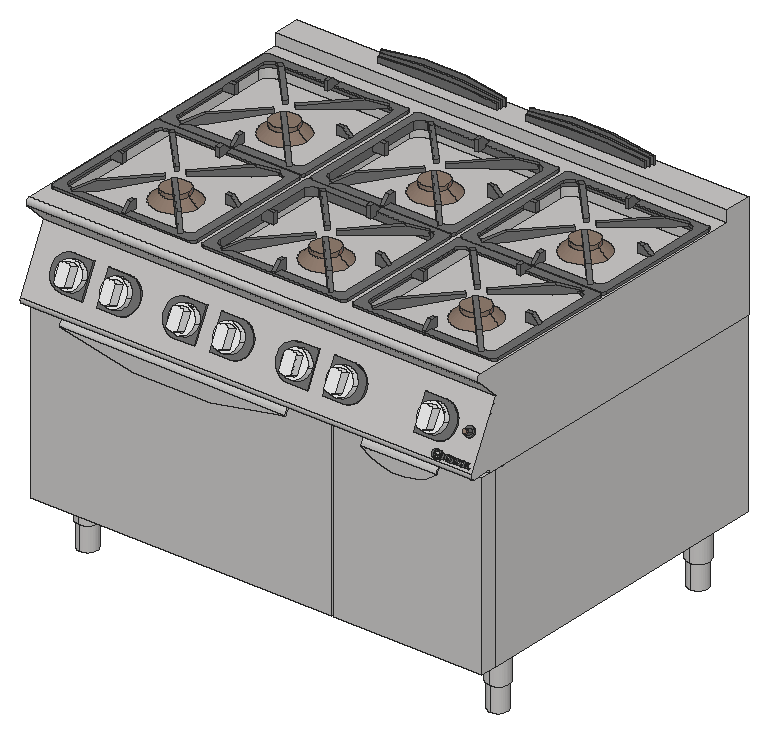
Revit family "QF_GIORIK_CG960E", category Specialty Equipment, Revit 2014
Parameters (values of type "CG960E")
  Weight in Pounds = 551.155
  Watts = 6000 W
  Volts = 400 V
  URL Cutsheet = "www.giorik.com"
  URL = "www.giorik.com"
  Status [instance] = ""
  Specification by User [instance] = ""
  Specification by Manufacturer = ""
  Show Logo [instance] = yes
  Show Clearance [instance] = yes
  Serial Number = ""
  Seismic Rating = ""
  SMACNA No = ""
  Revision Code [instance] = ""
  Phase = 3
  Number of Poles [instance] = 3
  NAFEM Spec ID Number = ""
  Model = "CG960E"
  Min Ckt Ampacity = 0 A
  Mechanical Remarks [instance] = "Natural Gas"
  Mechanical Connection Type [instance] = ""
  Max Overcurrent Protection = 0 A
  Masterspec = ""
  Manufacturer = "GIORIK"
  Item Number [instance] = ""
  Installed By [instance] = ""
  Identify Quantity as Lot [instance] = no
  HP = "8.046120000000"
  Gas Size = 1"
  Gas RI Height [instance] = 0 mm
  Gas KW = 48
  Gas Input = 48000 W
  Gas Connection Height [instance] = 150 mm
  Furnished By [instance] = ""
  Foodservice Equipment Identifier [instance] = yes
  FL Amps = 0 A
  Electrical Remarks [instance] = ""
  Electric Connection Type [instance] = ""
  Elec Conn RI Height [instance] = 0 mm
  Elec Conn Connection Height [instance] = 150 mm
  Description = "6 BURNER GAS RANGE ON ELECTRIC OVEN AND NEUTRAL CABINET"
  Cycle = 50 Hz
  Conn Plug = ""
  Conn Conduit [instance] = no
  CSI MasterFormat = ""
  Assembly Code = "E1090320"
  Apparent Power = 6000 VA
Reference planes
  plane 1 "Back": y = 0
  plane 2: z = 0
  plane 3 "Left": x = 0
  plane 4 "Right": x = 1200
  plane 5 "Front": y = -920
  plane 6 "Top": z = 899.988
Forms (mm)
  Extrusion 1, solid
    sketch origin (-16, 358.115, 0) x (1, 0, 0) y (0, 1, 0)
      loop
        line (25, -1086.81) -> (25, -1156.81) -> (115, -1156.81) -> (115, -1086.81) -> (25, -1086.81)
    from 148 to 150
  Revolve 2, solid
    sketch origin (54, 358.115, 0) x (0, 1, 0) y (0, 0, 1)
      loop
        line (-1092.56, 66) -> (-1092.56, 148) -> (-1121.81, 148) -> (-1121.81, 0) -> (-1096.81, 0) -> (-1096.81, 66) -> (-1092.56, 66)
      axis (-1121.81, 0) -> (-1121.81, 148)
    angle from 0 to 360
  Extrusion 3, solid
    sketch origin (-16, 1023.115, 0) x (1, 0, 0) y (0, 1, 0)
      loop
        line (25, -1086.81) -> (25, -1156.81) -> (115, -1156.81) -> (115, -1086.81) -> (25, -1086.81)
    from 148 to 150
  Revolve 4, solid
    sketch origin (54, 1023.115, 0) x (0, 1, 0) y (0, 0, 1)
      loop
        line (-1092.56, 66) -> (-1092.56, 148) -> (-1121.81, 148) -> (-1121.81, 0) -> (-1096.81, 0) -> (-1096.81, 66) -> (-1092.56, 66)
      axis (-1121.81, 0) -> (-1121.81, 148)
    angle from 0 to 360
  Extrusion 5, solid
    sketch origin (-4, -2.717, 130) x (1, 0, 0) y (0, 1, 0)
      loop
        circle (54, -385) r 12.5
    from 0 to 20
  Extrusion 6, solid
    sketch origin (159.325, -432.708, -71.012) x (0, -1, 0) y (0, 0, -1)
      loop
        line (35.989, -935.989) -> (65, -965) -> (79.749, -965) -> (79.749, -935.989) -> (35.989, -935.989)
    from 35.72 to 45.72
  Extrusion 7, solid
    sketch origin (0.046, -427.695, 22.988) x (1, 0, 0) y (0, 1, 0)
      loop
        line (8, -55.002) -> (8, -395.004)
        arc (8, -395.004) -> (10.929, -402.075) -> (18, -405.004) r 10
        line (18, -405.004) -> (382, -405.004)
        arc (382, -405.004) -> (389.071, -402.075) -> (392, -395.004) r 10
        line (392, -395.004) -> (392, -55.002)
        arc (392, -55.002) -> (389.071, -47.931) -> (382, -45.002) r 10
        line (382, -45.002) -> (18, -45.002)
        arc (18, -45.002) -> (10.929, -47.931) -> (8, -55.002) r 10
      loop
        arc (49.954, -67.002) -> (35.812, -72.86) -> (29.954, -87.002) r 20
        line (29.954, -87.002) -> (29.954, -365.004)
        arc (29.954, -365.004) -> (35.812, -379.146) -> (49.954, -385.004) r 20
        line (49.954, -385.004) -> (349.954, -385.004)
        arc (349.954, -385.004) -> (364.097, -379.146) -> (369.954, -365.004) r 20
        line (369.954, -365.004) -> (369.954, -87.002)
        arc (369.954, -87.002) -> (364.097, -72.86) -> (349.954, -67.002) r 20
        line (349.954, -67.002) -> (49.954, -67.002)
    from 831.989 to 851.989
  Extrusion 8, solid
    sketch origin (347.736, -432.53, -2.821) x (-0.670885, -0.741561, 0) y (0, 0, -1)
      loop
        line (239.679, -896.808) -> (239.679, -888.14) -> (57.778, -867.797) -> (36.748, -867.797) -> (36.748, -875.452) -> (95.425, -896.808) -> (239.679, -896.808)
    from 30.148 to 40.148
  Extrusion 9, solid
    sketch origin (52.421, -432.594, -2.821) x (0.670878, -0.741568, 0) y (0, 0, 1)
      loop
        line (239.588, 896.808) -> (95.425, 896.808) -> (36.748, 875.452) -> (36.748, 867.797) -> (57.778, 867.797) -> (239.588, 888.13) -> (239.588, 896.808)
    from 30.148 to 40.148
  Extrusion 10, solid
    sketch origin (347.735, -874.862, -2.821) x (-0.670878, 0.741568, 0) y (0, 0, 1)
      loop
        line (239.679, 896.808) -> (95.425, 896.808) -> (36.748, 875.452) -> (36.748, 867.797) -> (57.778, 867.797) -> (239.679, 888.14) -> (239.679, 896.808)
    from 30.148 to 40.148
  Extrusion 11, solid
    sketch origin (52.356, -874.862, -2.821) x (0.670885, 0.741561, 0) y (0, 0, -1)
      loop
        line (239.679, -896.808) -> (239.679, -888.14) -> (57.778, -867.797) -> (36.748, -867.797) -> (36.748, -875.452) -> (95.425, -896.808) -> (239.679, -896.808)
    from 30.148 to 40.148
  Extrusion 12, solid
    sketch origin (240.72, -872.688, -71.012) x (0, 1, 0) y (0, 0, -1)
      loop
        line (35.989, -935.989) -> (65, -965) -> (79.749, -965) -> (79.749, -935.989) -> (35.989, -935.989)
    from 35.72 to 45.72
  Extrusion 13, solid
    sketch origin (159.325, -512.686, -71.012) x (0, 1, 0) y (0, 0, 1)
      loop
        line (35.989, 935.989) -> (79.749, 935.989) -> (79.749, 965) -> (65, 965) -> (35.989, 935.989)
    from 35.72 to 45.72
  Extrusion 14, solid
    sketch origin (-15.829, -241.978, -71.012) x (1, 0, 0) y (0, 0, 1)
      loop
        line (35.989, 935.989) -> (79.749, 935.989) -> (79.749, 965) -> (65, 965) -> (35.989, 935.989)
    from 35.72 to 45.72
  Extrusion 15, solid
    sketch origin (415.921, -241.978, -71.012) x (-1, 0, 0) y (0, 0, -1)
      loop
        line (35.989, -935.989) -> (65, -965) -> (79.749, -965) -> (79.749, -935.989) -> (35.989, -935.989)
    from 35.72 to 45.72
  Extrusion 16, solid
    sketch origin (0.046, -517.698, 22.988) x (1, 0, 0) y (0, 1, 0)
      loop
        arc (8, 55.002) -> (10.929, 47.931) -> (18, 45.002) r 10
        line (18, 45.002) -> (382, 45.002)
        arc (382, 45.002) -> (389.071, 47.931) -> (392, 55.002) r 10
        line (392, 55.002) -> (392, 395.004)
        arc (392, 395.004) -> (389.071, 402.075) -> (382, 405.004) r 10
        line (382, 405.004) -> (18, 405.004)
        arc (18, 405.004) -> (10.929, 402.075) -> (8, 395.004) r 10
        line (8, 395.004) -> (8, 55.002)
      loop
        line (49.954, 67.002) -> (349.954, 67.002)
        arc (349.954, 67.002) -> (364.097, 72.86) -> (369.954, 87.002) r 20
        line (369.954, 87.002) -> (369.954, 365.004)
        arc (369.954, 365.004) -> (364.097, 379.146) -> (349.954, 385.004) r 20
        line (349.954, 385.004) -> (49.954, 385.004)
        arc (49.954, 385.004) -> (35.812, 379.146) -> (29.954, 365.004) r 20
        line (29.954, 365.004) -> (29.954, 87.002)
        arc (29.954, 87.002) -> (35.812, 72.86) -> (49.954, 67.002) r 20
    from 831.989 to 851.989
  Extrusion 17, solid
    sketch origin (347.736, -512.863, -2.821) x (-0.670885, 0.741561, 0) y (0, 0, 1)
      loop
        line (239.679, 896.808) -> (95.425, 896.808) -> (36.748, 875.452) -> (36.748, 867.797) -> (57.778, 867.797) -> (239.679, 888.14) -> (239.679, 896.808)
    from 30.148 to 40.148
  Extrusion 18, solid
    sketch origin (52.421, -512.799, -2.821) x (0.670878, 0.741568, 0) y (0, 0, -1)
      loop
        line (239.588, -896.808) -> (239.588, -888.13) -> (57.778, -867.797) -> (36.748, -867.797) -> (36.748, -875.452) -> (95.425, -896.808) -> (239.588, -896.808)
    from 30.148 to 40.148
  Extrusion 19, solid
    sketch origin (347.735, -70.532, -2.821) x (-0.670878, -0.741568, 0) y (0, 0, -1)
      loop
        line (239.679, -896.808) -> (239.679, -888.14) -> (57.778, -867.797) -> (36.748, -867.797) -> (36.748, -875.452) -> (95.425, -896.808) -> (239.679, -896.808)
    from 30.148 to 40.148
  Extrusion 20, solid
    sketch origin (52.356, -70.532, -2.821) x (0.670885, -0.741561, 0) y (0, 0, 1)
      loop
        line (239.679, 896.808) -> (95.425, 896.808) -> (36.748, 875.452) -> (36.748, 867.797) -> (57.778, 867.797) -> (239.679, 888.14) -> (239.679, 896.808)
    from 30.148 to 40.148
  Extrusion 21, solid
    sketch origin (240.72, -72.706, -71.012) x (0, -1, 0) y (0, 0, 1)
      loop
        line (35.989, 935.989) -> (79.749, 935.989) -> (79.749, 965) -> (65, 965) -> (35.989, 935.989)
    from 35.72 to 45.72
  Extrusion 22, solid
    sketch origin (-16, 358.115, 0) x (1, 0, 0) y (0, 1, 0)
      loop
        line (25, -1086.81) -> (25, -1156.81) -> (115, -1156.81) -> (115, -1086.81) -> (25, -1086.81)
    from 148 to 150
  Revolve 23, solid
    sketch origin (54, 358.115, 0) x (0, 1, 0) y (0, 0, 1)
      loop
        line (-1092.56, 66) -> (-1092.56, 148) -> (-1121.81, 148) -> (-1121.81, 0) -> (-1096.81, 0) -> (-1096.81, 66) -> (-1092.56, 66)
      axis (-1121.81, 0) -> (-1121.81, 148)
    angle from 0 to 360
  Extrusion 24, solid
    sketch origin (-16, 1023.115, 0) x (1, 0, 0) y (0, 1, 0)
      loop
        line (25, -1086.81) -> (25, -1156.81) -> (115, -1156.81) -> (115, -1086.81) -> (25, -1086.81)
    from 148 to 150
  Revolve 25, solid
    sketch origin (54, 1023.115, 0) x (0, 1, 0) y (0, 0, 1)
      loop
        line (-1092.56, 66) -> (-1092.56, 148) -> (-1121.81, 148) -> (-1121.81, 0) -> (-1096.81, 0) -> (-1096.81, 66) -> (-1092.56, 66)
      axis (-1121.81, 0) -> (-1121.81, 148)
    angle from 0 to 360
  Extrusion 26, void
    sketch origin (0, -2.695, 899.988) x (0, 1, 0) y (-1, 0, 0)
      loop
        arc (-120, -48.046) -> (-128.787, -26.832) -> (-150, -18.046) r 30
        line (-150, -18.046) -> (-790.004, -18.046)
        arc (-790.004, -18.046) -> (-811.217, -26.832) -> (-820.004, -48.046) r 30
        line (-820.004, -48.046) -> (-820.004, -352.046)
        arc (-820.004, -352.046) -> (-811.217, -373.259) -> (-790.004, -382.046) r 30
        line (-790.004, -382.046) -> (-150, -382.046)
        arc (-150, -382.046) -> (-128.787, -373.259) -> (-120, -352.046) r 30
        line (-120, -352.046) -> (-120, -48.046)
    from -30 to -70
  Extrusion 27, solid
    sketch origin (0, -2.695, 599.536) x (1, 0, 0) y (0, 1, 0)
      loop
        line (0, -837.167) -> (40, -837.167) -> (40, -40) -> (1160, -40) -> (1160, -837.167) -> (1200, -837.167) -> (1200, 2.695) -> (0, 2.695) -> (0, -837.167)
    from -449.536 to 20.464
  Extrusion 28, solid
    sketch origin (0, -2.695, 0) x (1, 0, 0) y (0, 1, 0)
      loop
        line (40, -40) -> (40, -837.167) -> (1160, -837.167) -> (1160, -40) -> (40, -40)
    from 150 to 190
  Extrusion 29, solid
    sketch origin (-4, -2.717, 130) x (1, 0, 0) y (0, 1, 0)
      loop
        circle (54, -385) r 12.5
    from 0 to 20
  Extrusion 30, solid
    sketch origin (-15.829, -694.419, -71.012) x (1, 0, 0) y (0, 0, -1)
      loop
        line (35.989, -935.989) -> (65, -965) -> (79.749, -965) -> (79.749, -935.989) -> (35.989, -935.989)
    from 35.72 to 45.72
  Extrusion 31, solid
    sketch origin (415.921, -694.419, -71.012) x (-1, 0, 0) y (0, 0, 1)
      loop
        line (35.989, 935.989) -> (79.749, 935.989) -> (79.749, 965) -> (65, 965) -> (35.989, 935.989)
    from 35.72 to 45.72
  Extrusion 32, solid
    sketch origin (347.735, -874.862, -2.821) x (-0.670878, 0.741568, 0) y (0, 0, 1)
      loop
        line (239.679, 896.808) -> (95.425, 896.808) -> (36.748, 875.452) -> (36.748, 867.797) -> (57.778, 867.797) -> (239.679, 888.14) -> (239.679, 896.808)
    from 30.148 to 40.148
  Extrusion 33, solid
    sketch origin (559.325, -432.708, -71.012) x (0, -1, 0) y (0, 0, -1)
      loop
        line (35.989, -935.989) -> (65, -965) -> (79.749, -965) -> (79.749, -935.989) -> (35.989, -935.989)
    from 35.72 to 45.72
  Extrusion 34, solid
    sketch origin (400.046, -427.695, 22.988) x (1, 0, 0) y (0, 1, 0)
      loop
        line (8, -55.002) -> (8, -395.004)
        arc (8, -395.004) -> (10.929, -402.075) -> (18, -405.004) r 10
        line (18, -405.004) -> (382, -405.004)
        arc (382, -405.004) -> (389.071, -402.075) -> (392, -395.004) r 10
        line (392, -395.004) -> (392, -55.002)
        arc (392, -55.002) -> (389.071, -47.931) -> (382, -45.002) r 10
        line (382, -45.002) -> (18, -45.002)
        arc (18, -45.002) -> (10.929, -47.931) -> (8, -55.002) r 10
      loop
        arc (49.954, -67.002) -> (35.812, -72.86) -> (29.954, -87.002) r 20
        line (29.954, -87.002) -> (29.954, -365.004)
        arc (29.954, -365.004) -> (35.812, -379.146) -> (49.954, -385.004) r 20
        line (49.954, -385.004) -> (349.954, -385.004)
        arc (349.954, -385.004) -> (364.097, -379.146) -> (369.954, -365.004) r 20
        line (369.954, -365.004) -> (369.954, -87.002)
        arc (369.954, -87.002) -> (364.097, -72.86) -> (349.954, -67.002) r 20
        line (349.954, -67.002) -> (49.954, -67.002)
    from 831.989 to 851.989
  Extrusion 35, solid
    sketch origin (747.736, -432.53, -2.821) x (-0.670885, -0.741561, 0) y (0, 0, -1)
      loop
        line (239.679, -896.808) -> (239.679, -888.14) -> (57.778, -867.797) -> (36.748, -867.797) -> (36.748, -875.452) -> (95.425, -896.808) -> (239.679, -896.808)
    from 30.148 to 40.148
  Extrusion 36, solid
    sketch origin (452.421, -432.594, -2.821) x (0.670878, -0.741568, 0) y (0, 0, 1)
      loop
        line (239.588, 896.808) -> (95.425, 896.808) -> (36.748, 875.452) -> (36.748, 867.797) -> (57.778, 867.797) -> (239.588, 888.13) -> (239.588, 896.808)
    from 30.148 to 40.148
  Extrusion 37, solid
    sketch origin (747.735, -874.862, -2.821) x (-0.670878, 0.741568, 0) y (0, 0, 1)
      loop
        line (239.679, 896.808) -> (95.425, 896.808) -> (36.748, 875.452) -> (36.748, 867.797) -> (57.778, 867.797) -> (239.679, 888.14) -> (239.679, 896.808)
    from 30.148 to 40.148
  Extrusion 38, solid
    sketch origin (452.356, -874.862, -2.821) x (0.670885, 0.741561, 0) y (0, 0, -1)
      loop
        line (239.679, -896.808) -> (239.679, -888.14) -> (57.778, -867.797) -> (36.748, -867.797) -> (36.748, -875.452) -> (95.425, -896.808) -> (239.679, -896.808)
    from 30.148 to 40.148
  Extrusion 39, solid
    sketch origin (640.72, -872.688, -71.012) x (0, 1, 0) y (0, 0, -1)
      loop
        line (35.989, -935.989) -> (65, -965) -> (79.749, -965) -> (79.749, -935.989) -> (35.989, -935.989)
    from 35.72 to 45.72
  Extrusion 40, solid
    sketch origin (559.325, -512.686, -71.012) x (0, 1, 0) y (0, 0, 1)
      loop
        line (35.989, 935.989) -> (79.749, 935.989) -> (79.749, 965) -> (65, 965) -> (35.989, 935.989)
    from 35.72 to 45.72
  Extrusion 41, solid
    sketch origin (384.171, -241.978, -71.012) x (1, 0, 0) y (0, 0, 1)
      loop
        line (35.989, 935.989) -> (79.749, 935.989) -> (79.749, 965) -> (65, 965) -> (35.989, 935.989)
    from 35.72 to 45.72
  Extrusion 42, solid
    sketch origin (815.921, -241.978, -71.012) x (-1, 0, 0) y (0, 0, -1)
      loop
        line (35.989, -935.989) -> (65, -965) -> (79.749, -965) -> (79.749, -935.989) -> (35.989, -935.989)
    from 35.72 to 45.72
  Extrusion 43, solid
    sketch origin (400.046, -517.698, 22.988) x (1, 0, 0) y (0, 1, 0)
      loop
        arc (8, 55.002) -> (10.929, 47.931) -> (18, 45.002) r 10
        line (18, 45.002) -> (382, 45.002)
        arc (382, 45.002) -> (389.071, 47.931) -> (392, 55.002) r 10
        line (392, 55.002) -> (392, 395.004)
        arc (392, 395.004) -> (389.071, 402.075) -> (382, 405.004) r 10
        line (382, 405.004) -> (18, 405.004)
        arc (18, 405.004) -> (10.929, 402.075) -> (8, 395.004) r 10
        line (8, 395.004) -> (8, 55.002)
      loop
        line (49.954, 67.002) -> (349.954, 67.002)
        arc (349.954, 67.002) -> (364.097, 72.86) -> (369.954, 87.002) r 20
        line (369.954, 87.002) -> (369.954, 365.004)
        arc (369.954, 365.004) -> (364.097, 379.146) -> (349.954, 385.004) r 20
        line (349.954, 385.004) -> (49.954, 385.004)
        arc (49.954, 385.004) -> (35.812, 379.146) -> (29.954, 365.004) r 20
        line (29.954, 365.004) -> (29.954, 87.002)
        arc (29.954, 87.002) -> (35.812, 72.86) -> (49.954, 67.002) r 20
    from 831.989 to 851.989
  Extrusion 44, solid
    sketch origin (747.736, -512.863, -2.821) x (-0.670885, 0.741561, 0) y (0, 0, 1)
      loop
        line (239.679, 896.808) -> (95.425, 896.808) -> (36.748, 875.452) -> (36.748, 867.797) -> (57.778, 867.797) -> (239.679, 888.14) -> (239.679, 896.808)
    from 30.148 to 40.148
  Extrusion 45, solid
    sketch origin (452.421, -512.799, -2.821) x (0.670878, 0.741568, 0) y (0, 0, -1)
      loop
        line (239.588, -896.808) -> (239.588, -888.13) -> (57.778, -867.797) -> (36.748, -867.797) -> (36.748, -875.452) -> (95.425, -896.808) -> (239.588, -896.808)
    from 30.148 to 40.148
  Extrusion 46, solid
    sketch origin (747.735, -70.532, -2.821) x (-0.670878, -0.741568, 0) y (0, 0, -1)
      loop
        line (239.679, -896.808) -> (239.679, -888.14) -> (57.778, -867.797) -> (36.748, -867.797) -> (36.748, -875.452) -> (95.425, -896.808) -> (239.679, -896.808)
    from 30.148 to 40.148
  Extrusion 47, solid
    sketch origin (452.356, -70.532, -2.821) x (0.670885, -0.741561, 0) y (0, 0, 1)
      loop
        line (239.679, 896.808) -> (95.425, 896.808) -> (36.748, 875.452) -> (36.748, 867.797) -> (57.778, 867.797) -> (239.679, 888.14) -> (239.679, 896.808)
    from 30.148 to 40.148
  Extrusion 48, solid
    sketch origin (640.72, -72.706, -71.012) x (0, -1, 0) y (0, 0, 1)
      loop
        line (35.989, 935.989) -> (79.749, 935.989) -> (79.749, 965) -> (65, 965) -> (35.989, 935.989)
    from 35.72 to 45.72
  Extrusion 49, void
    sketch origin (400, -2.695, 899.988) x (0, 1, 0) y (-1, 0, 0)
      loop
        arc (-120, -48.046) -> (-128.787, -26.832) -> (-150, -18.046) r 30
        line (-150, -18.046) -> (-790.004, -18.046)
        arc (-790.004, -18.046) -> (-811.217, -26.832) -> (-820.004, -48.046) r 30
        line (-820.004, -48.046) -> (-820.004, -352.046)
        arc (-820.004, -352.046) -> (-811.217, -373.259) -> (-790.004, -382.046) r 30
        line (-790.004, -382.046) -> (-150, -382.046)
        arc (-150, -382.046) -> (-128.787, -373.259) -> (-120, -352.046) r 30
        line (-120, -352.046) -> (-120, -48.046)
    from -30 to -70
  Extrusion 50, solid
    sketch origin (384.171, -694.419, -71.012) x (1, 0, 0) y (0, 0, -1)
      loop
        line (35.989, -935.989) -> (65, -965) -> (79.749, -965) -> (79.749, -935.989) -> (35.989, -935.989)
    from 35.72 to 45.72
  Extrusion 51, solid
    sketch origin (815.921, -694.419, -71.012) x (-1, 0, 0) y (0, 0, 1)
      loop
        line (35.989, 935.989) -> (79.749, 935.989) -> (79.749, 965) -> (65, 965) -> (35.989, 935.989)
    from 35.72 to 45.72
  Extrusion 52, void
    sketch origin (800, -2.695, 899.988) x (0, 1, 0) y (-1, 0, 0)
      loop
        arc (-120, -50.16) -> (-128.787, -28.947) -> (-150, -20.16) r 30
        line (-150, -20.16) -> (-790.004, -20.16)
        arc (-790.004, -20.16) -> (-811.217, -28.947) -> (-820.004, -50.16) r 30
        line (-820.004, -50.16) -> (-820.004, -349.931)
        arc (-820.004, -349.931) -> (-811.217, -371.145) -> (-790.004, -379.931) r 30
        line (-790.004, -379.931) -> (-150, -379.931)
        arc (-150, -379.931) -> (-128.787, -371.145) -> (-120, -349.931) r 30
        line (-120, -349.931) -> (-120, -50.16)
    from -30 to -70
  Extrusion 53, solid
    sketch origin (959.325, -432.708, -71.012) x (0, -1, 0) y (0, 0, -1)
      loop
        line (35.989, -935.989) -> (65, -965) -> (79.749, -965) -> (79.749, -935.989) -> (35.989, -935.989)
    from 35.72 to 45.72
  Extrusion 54, solid
    sketch origin (800.046, -427.695, 22.988) x (1, 0, 0) y (0, 1, 0)
      loop
        line (8, -55.002) -> (8, -395.004)
        arc (8, -395.004) -> (10.929, -402.075) -> (18, -405.004) r 10
        line (18, -405.004) -> (382, -405.004)
        arc (382, -405.004) -> (389.071, -402.075) -> (392, -395.004) r 10
        line (392, -395.004) -> (392, -55.002)
        arc (392, -55.002) -> (389.071, -47.931) -> (382, -45.002) r 10
        line (382, -45.002) -> (18, -45.002)
        arc (18, -45.002) -> (10.929, -47.931) -> (8, -55.002) r 10
      loop
        arc (49.954, -70.013) -> (35.812, -75.871) -> (29.954, -90.013) r 20
        line (29.954, -90.013) -> (29.954, -365.004)
        arc (29.954, -365.004) -> (35.812, -379.146) -> (49.954, -385.004) r 20
        line (49.954, -385.004) -> (349.954, -385.004)
        arc (349.954, -385.004) -> (364.097, -379.146) -> (369.954, -365.004) r 20
        line (369.954, -365.004) -> (369.954, -90.013)
        arc (369.954, -90.013) -> (364.097, -75.871) -> (349.954, -70.013) r 20
        line (349.954, -70.013) -> (49.954, -70.013)
    from 831.989 to 851.989
  Extrusion 55, solid
    sketch origin (1147.736, -432.53, -2.821) x (-0.670885, -0.741561, 0) y (0, 0, -1)
      loop
        line (239.679, -896.808) -> (239.679, -888.14) -> (57.778, -867.797) -> (36.748, -867.797) -> (36.748, -875.452) -> (95.425, -896.808) -> (239.679, -896.808)
    from 30.148 to 40.148
  Extrusion 56, solid
    sketch origin (852.421, -432.594, -2.821) x (0.670878, -0.741568, 0) y (0, 0, 1)
      loop
        line (239.588, 896.808) -> (95.425, 896.808) -> (36.748, 875.452) -> (36.748, 867.797) -> (57.778, 867.797) -> (239.588, 888.13) -> (239.588, 896.808)
    from 30.148 to 40.148
  Extrusion 57, solid
    sketch origin (1147.735, -874.862, -2.821) x (-0.670878, 0.741568, 0) y (0, 0, 1)
      loop
        line (239.679, 896.808) -> (95.425, 896.808) -> (36.748, 875.452) -> (36.748, 867.797) -> (57.778, 867.797) -> (239.679, 888.14) -> (239.679, 896.808)
    from 30.148 to 40.148
  Extrusion 58, solid
    sketch origin (852.356, -874.862, -2.821) x (0.670885, 0.741561, 0) y (0, 0, -1)
      loop
        line (239.679, -896.808) -> (239.679, -888.14) -> (57.778, -867.797) -> (36.748, -867.797) -> (36.748, -875.452) -> (95.425, -896.808) -> (239.679, -896.808)
    from 30.148 to 40.148
  Extrusion 59, solid
    sketch origin (1040.72, -872.688, -71.012) x (0, 1, 0) y (0, 0, -1)
      loop
        line (35.989, -935.989) -> (65, -965) -> (79.749, -965) -> (79.749, -935.989) -> (35.989, -935.989)
    from 35.72 to 45.72
  Extrusion 60, solid
    sketch origin (959.325, -512.686, -71.012) x (0, 1, 0) y (0, 0, 1)
      loop
        line (35.989, 935.989) -> (79.749, 935.989) -> (79.749, 965) -> (65, 965) -> (35.989, 935.989)
    from 35.72 to 45.72
  Extrusion 61, solid
    sketch origin (784.171, -241.978, -71.012) x (1, 0, 0) y (0, 0, 1)
      loop
        line (35.989, 935.989) -> (79.749, 935.989) -> (79.749, 965) -> (65, 965) -> (35.989, 935.989)
    from 35.72 to 45.72
  Extrusion 62, solid
    sketch origin (1215.921, -241.978, -71.012) x (-1, 0, 0) y (0, 0, -1)
      loop
        line (35.989, -935.989) -> (65, -965) -> (79.749, -965) -> (79.749, -935.989) -> (35.989, -935.989)
    from 35.72 to 45.72
  Extrusion 63, solid
    sketch origin (800.046, -517.698, 22.988) x (1, 0, 0) y (0, 1, 0)
      loop
        arc (8, 55.002) -> (10.929, 47.931) -> (18, 45.002) r 10
        line (18, 45.002) -> (382, 45.002)
        arc (382, 45.002) -> (389.071, 47.931) -> (392, 55.002) r 10
        line (392, 55.002) -> (392, 395.004)
        arc (392, 395.004) -> (389.071, 402.075) -> (382, 405.004) r 10
        line (382, 405.004) -> (18, 405.004)
        arc (18, 405.004) -> (10.929, 402.075) -> (8, 395.004) r 10
        line (8, 395.004) -> (8, 55.002)
      loop
        line (49.954, 67.002) -> (349.954, 67.002)
        arc (349.954, 67.002) -> (364.097, 72.86) -> (369.954, 87.002) r 20
        line (369.954, 87.002) -> (369.954, 365.004)
        arc (369.954, 365.004) -> (364.097, 379.146) -> (349.954, 385.004) r 20
        line (349.954, 385.004) -> (49.954, 385.004)
        arc (49.954, 385.004) -> (35.812, 379.146) -> (29.954, 365.004) r 20
        line (29.954, 365.004) -> (29.954, 87.002)
        arc (29.954, 87.002) -> (35.812, 72.86) -> (49.954, 67.002) r 20
    from 831.989 to 851.989
  Extrusion 64, solid
    sketch origin (1147.736, -512.863, -2.821) x (-0.670885, 0.741561, 0) y (0, 0, 1)
      loop
        line (239.679, 896.808) -> (95.425, 896.808) -> (36.748, 875.452) -> (36.748, 867.797) -> (57.778, 867.797) -> (239.679, 888.14) -> (239.679, 896.808)
    from 30.148 to 40.148
  Extrusion 65, solid
    sketch origin (852.421, -512.799, -2.821) x (0.670878, 0.741568, 0) y (0, 0, -1)
      loop
        line (239.588, -896.808) -> (239.588, -888.13) -> (57.778, -867.797) -> (36.748, -867.797) -> (36.748, -875.452) -> (95.425, -896.808) -> (239.588, -896.808)
    from 30.148 to 40.148
  Extrusion 66, solid
    sketch origin (1147.735, -70.532, -2.821) x (-0.670878, -0.741568, 0) y (0, 0, -1)
      loop
        line (239.679, -896.808) -> (239.679, -888.14) -> (57.778, -867.797) -> (36.748, -867.797) -> (36.748, -875.452) -> (95.425, -896.808) -> (239.679, -896.808)
    from 30.148 to 40.148
  Extrusion 67, solid
    sketch origin (852.356, -70.532, -2.821) x (0.670885, -0.741561, 0) y (0, 0, 1)
      loop
        line (239.679, 896.808) -> (95.425, 896.808) -> (36.748, 875.452) -> (36.748, 867.797) -> (57.778, 867.797) -> (239.679, 888.14) -> (239.679, 896.808)
    from 30.148 to 40.148
  Extrusion 68, solid
    sketch origin (1040.72, -72.706, -71.012) x (0, -1, 0) y (0, 0, 1)
      loop
        line (35.989, 935.989) -> (79.749, 935.989) -> (79.749, 965) -> (65, 965) -> (35.989, 935.989)
    from 35.72 to 45.72
  Extrusion 69, solid
    sketch origin (1076, 358.115, 0) x (1, 0, 0) y (0, 1, 0)
      loop
        line (25, -1086.81) -> (25, -1156.81) -> (115, -1156.81) -> (115, -1086.81) -> (25, -1086.81)
    from 148 to 150
  Revolve 70, solid
    sketch origin (1146, 358.115, 0) x (0, 1, 0) y (0, 0, 1)
      loop
        line (-1092.56, 66) -> (-1092.56, 148) -> (-1121.81, 148) -> (-1121.81, 0) -> (-1096.81, 0) -> (-1096.81, 66) -> (-1092.56, 66)
      axis (-1121.81, 0) -> (-1121.81, 148)
    angle from 0 to 360
  Extrusion 71, solid
    sketch origin (1076, 1023.115, 0) x (1, 0, 0) y (0, 1, 0)
      loop
        line (25, -1086.81) -> (25, -1156.81) -> (115, -1156.81) -> (115, -1086.81) -> (25, -1086.81)
    from 148 to 150
  Revolve 72, solid
    sketch origin (1146, 1023.115, 0) x (0, 1, 0) y (0, 0, 1)
      loop
        line (-1092.56, 66) -> (-1092.56, 148) -> (-1121.81, 148) -> (-1121.81, 0) -> (-1096.81, 0) -> (-1096.81, 66) -> (-1092.56, 66)
      axis (-1121.81, 0) -> (-1121.81, 148)
    angle from 0 to 360
  Extrusion 73, solid
    sketch origin (784.171, -694.419, -71.012) x (1, 0, 0) y (0, 0, -1)
      loop
        line (35.989, -935.989) -> (65, -965) -> (79.749, -965) -> (79.749, -935.989) -> (35.989, -935.989)
    from 35.72 to 45.72
  Extrusion 74, solid
    sketch origin (1215.921, -694.419, -71.012) x (-1, 0, 0) y (0, 0, 1)
      loop
        line (35.989, 935.989) -> (79.749, 935.989) -> (79.749, 965) -> (65, 965) -> (35.989, 935.989)
    from 35.72 to 45.72
  Blend 75, solid
    base sketch origin (0, -377.25, 899.988) x (0, 1, 0) y (-1, 0, 0)
      loop
        circle (-276.449, -200.046) r 60
    top sketch origin (0, -377.25, 899.988) x (0, 1, 0) y (-1, 0, 0)
      loop
        circle (-276.449, -200.046) r 35
    from -70 to -50
  Extrusion 76, solid
    sketch origin (0, -377.25, -30) x (1, 0, 0) y (0, 1, 0)
      loop
        circle (200.046, -276.449) r 35
    from 889.988 to 879.988
  Blend 77, solid
    base sketch origin (0, -15.249, 899.988) x (0, 1, 0) y (-1, 0, 0)
      loop
        circle (-276.449, -200.046) r 60
    top sketch origin (0, -15.249, 899.988) x (0, 1, 0) y (-1, 0, 0)
      loop
        circle (-276.449, -200.046) r 35
    from -70 to -50
  Extrusion 78, solid
    sketch origin (0, -15.249, -30) x (1, 0, 0) y (0, 1, 0)
      loop
        circle (200.046, -276.449) r 35
    from 889.988 to 879.988
  Blend 79, solid
    base sketch origin (399.954, -15.249, 899.988) x (0, 1, 0) y (-1, 0, 0)
      loop
        circle (-276.449, -200.046) r 60
    top sketch origin (399.954, -15.249, 899.988) x (0, 1, 0) y (-1, 0, 0)
      loop
        circle (-276.449, -200.046) r 35
    from -70 to -50
  Extrusion 80, solid
    sketch origin (399.954, -15.249, -30) x (1, 0, 0) y (0, 1, 0)
      loop
        circle (200.046, -276.449) r 35
    from 889.988 to 879.988
  Blend 81, solid
    base sketch origin (799.954, -15.249, 899.988) x (0, 1, 0) y (-1, 0, 0)
      loop
        circle (-276.449, -200.046) r 60
    top sketch origin (799.954, -15.249, 899.988) x (0, 1, 0) y (-1, 0, 0)
      loop
        circle (-276.449, -200.046) r 35
    from -70 to -50
  Extrusion 82, solid
    sketch origin (799.954, -15.249, -30) x (1, 0, 0) y (0, 1, 0)
      loop
        circle (200.046, -276.449) r 35
    from 889.988 to 879.988
  Blend 83, solid
    base sketch origin (799.954, -377.25, 899.988) x (0, 1, 0) y (-1, 0, 0)
      loop
        circle (-276.449, -200.046) r 60
    top sketch origin (799.954, -377.25, 899.988) x (0, 1, 0) y (-1, 0, 0)
      loop
        circle (-276.449, -200.046) r 35
    from -70 to -50
  Extrusion 84, solid
    sketch origin (799.954, -377.25, -30) x (1, 0, 0) y (0, 1, 0)
      loop
        circle (200.046, -276.449) r 35
    from 889.988 to 879.988
  Blend 85, solid
    base sketch origin (399.954, -377.25, 899.988) x (0, 1, 0) y (-1, 0, 0)
      loop
        circle (-276.449, -200.046) r 60
    top sketch origin (399.954, -377.25, 899.988) x (0, 1, 0) y (-1, 0, 0)
      loop
        circle (-276.449, -200.046) r 35
    from -70 to -50
  Extrusion 86, solid
    sketch origin (399.954, -377.25, -30) x (1, 0, 0) y (0, 1, 0)
      loop
        circle (200.046, -276.449) r 35
    from 889.988 to 879.988
  Extrusion 87, solid
    sketch origin (0, 802.832, -20) x (0, 1, 0) y (0, 0, 1)
      loop
        line (-802.832, 919.988) -> (-872.832, 919.988) -> (-872.832, 889.988) -> (-1691.501, 889.988)
        arc (-1691.501, 889.988) -> (-1701.846, 883.075) -> (-1699.419, 870.873) r 11.197
        line (-1699.419, 870.873) -> (-1643.571, 815.025) -> (-1721.643, 661.258)
        arc (-1721.643, 661.258) -> (-1720.928, 650.105) -> (-1710.813, 645.354) r 10.981
        line (-1710.813, 645.354) -> (-1662.695, 649.925) -> (-1662.695, 640) -> (-802.832, 640) -> (-802.832, 919.988)
    from 0 to 1200
  Extrusion 88, solid
    sketch origin (109, -2.695, -10.001) x (1, 0, 0) y (0, 0, 1)
      loop
        line (135, 909.989) -> (453, 909.989) -> (453, 925.527) -> (347.056, 931.749) -> (240.944, 931.749) -> (135, 925.527) -> (135, 909.989)
    from 32 to 35
  Extrusion 89, solid
    sketch origin (111, 7.305, -10.001) x (1, 0, 0) y (0, 0, 1)
      loop
        line (454, 909.989) -> (454, 928.527) -> (346.162, 939.193) -> (237.838, 939.193) -> (130, 928.527) -> (130, 909.989) -> (454, 909.989)
    from 32 to 35
  Extrusion 90, solid
    sketch origin (113, 17.305, -10.001) x (1, 0, 0) y (0, 0, 1)
      loop
        line (455, 909.989) -> (455, 930.527) -> (345.396, 947.413) -> (234.604, 947.413) -> (125, 930.527) -> (125, 909.989) -> (455, 909.989)
    from 32 to 35
  Extrusion 91, solid
    sketch origin (1091, -2.695, -10.001) x (-1, 0, 0) y (0, 0, -1)
      loop
        line (135, -909.989) -> (135, -925.527) -> (240.944, -931.749) -> (347.056, -931.749) -> (453, -925.527) -> (453, -909.989) -> (135, -909.989)
    from 32 to 35
  Extrusion 92, solid
    sketch origin (1089, 7.305, -10.001) x (-1, 0, 0) y (0, 0, -1)
      loop
        line (454, -909.989) -> (130, -909.989) -> (130, -928.527) -> (237.838, -939.193) -> (346.162, -939.193) -> (454, -928.527) -> (454, -909.989)
    from 32 to 35
  Extrusion 93, solid
    sketch origin (1087, 17.305, -10.001) x (-1, 0, 0) y (0, 0, -1)
      loop
        line (455, -909.989) -> (125, -909.989) -> (125, -930.527) -> (234.604, -947.413) -> (345.396, -947.413) -> (455, -930.527) -> (455, -909.989)
    from 32 to 35
  Extrusion 94, solid
    sketch origin (286.779, -1164.375, 51.983) x (1, 0, 0) y (0, 0.452718, 0.891654)
      loop
        line (463.221, 676.25) -> (463.221, 766.25) -> (409.698, 766.25)
        arc (409.698, 766.25) -> (364.698, 721.25) -> (409.698, 676.25) r 45
        line (409.698, 676.25) -> (463.221, 676.25)
    from 48 to 50
  Extrusion 95, solid, visible <- "Show Logo"
    sketch origin (996.604, -937.214, 608.324) x (-1, 0, 0) y (0, 0.452718, 0.891654)
      loop
        line (-118.824, 58.358) -> (-127.804, 58.358) -> (-125.523, 56.445) -> (-125.523, 48.027) -> (-127.804, 46.113) -> (-118.824, 46.113) -> (-121.105, 48.027) -> (-121.105, 56.445) -> (-118.824, 58.358)
      loop
        line (-163.721, 58.358) -> (-172.7, 58.358) -> (-170.42, 56.445) -> (-170.42, 48.027) -> (-172.7, 46.113) -> (-163.721, 46.113) -> (-166.001, 48.027) -> (-166.001, 56.445) -> (-163.721, 58.358)
      loop
        line (-174.332, 58.358) -> (-183.312, 58.358) -> (-181.031, 56.445) -> (-181.031, 52.435) -> (-186.419, 56.955) -> (-184.416, 58.358) -> (-191.268, 58.358) -> (-188.01, 56.839) -> (-185.455, 54.283) -> (-190.846, 47.858) -> (-193.396, 46.93) -> (-193.396, 46.113) -> (-184.416, 46.113) -> (-185.437, 47.571) -> (-182.443, 51.552) -> (-181.031, 50.894) -> (-181.031, 48.027) -> (-183.312, 46.113) -> (-174.332, 46.113) -> (-176.613, 48.027) -> (-176.613, 56.445) -> (-174.332, 58.358)
      loop
        line (-115.429, 62.063) -> (-115.429, 54.198)
        arc (-115.429, 54.198) -> (-111.618, 57.803) -> (-106.847, 59.986) r 16.039
        arc (-106.847, 59.986) -> (-103.314, 59.837) -> (-100.512, 57.68) r 5.851
        arc (-100.512, 57.68) -> (-98.815, 52.267) -> (-100.512, 46.853) r 9.479
        arc (-100.512, 46.853) -> (-102.406, 44.986) -> (-104.846, 43.93) r 7.236
        arc (-104.846, 43.93) -> (-107.728, 44.111) -> (-110.052, 45.825) r 5.11
        line (-110.052, 45.825) -> (-110.052, 52.001) -> (-116.141, 52.001) -> (-116.141, 45.503) -> (-117.893, 43.751) -> (-114.094, 44.769)
        arc (-114.094, 44.769) -> (-112.56, 44.947) -> (-111.129, 44.366) r 3.115
        arc (-111.129, 44.366) -> (-104.216, 42.091) -> (-97.303, 44.366) r 11.641
        arc (-97.303, 44.366) -> (-93.396, 52.107) -> (-97.303, 59.849) r 9.622
        arc (-97.303, 59.849) -> (-104.369, 62.174) -> (-111.435, 59.849) r 11.898
        line (-111.435, 59.849) -> (-115.429, 62.063)
      loop
        arc (-129.234, 56.068) -> (-135.893, 58.628) -> (-142.552, 56.068) r 9.941
        arc (-142.552, 56.068) -> (-144.234, 52.286) -> (-142.552, 48.505) r 5.093
        arc (-142.552, 48.505) -> (-135.893, 45.945) -> (-129.234, 48.505) r 9.941
        arc (-129.234, 48.505) -> (-127.552, 52.286) -> (-129.234, 56.068) r 5.093
      loop
        arc (-132.628, 54.403) -> (-135.893, 57.668) -> (-139.158, 54.403) r 3.265
        line (-139.158, 54.403) -> (-139.158, 50.169)
        arc (-139.158, 50.169) -> (-135.893, 46.904) -> (-132.628, 50.169) r 3.265
        line (-132.628, 50.169) -> (-132.628, 54.403)
      loop
        arc (-156.363, 58.365) -> (-159.647, 55.081) -> (-156.363, 51.796) r 3.285
        line (-156.363, 51.796) -> (-159.529, 47.306) -> (-162.087, 46.113) -> (-155.847, 46.113) -> (-153.529, 51.083) -> (-150.637, 51.083) -> (-150.637, 47.784) -> (-153.022, 46.113) -> (-144.011, 46.113) -> (-146.094, 47.68) -> (-146.094, 56.493) -> (-144.229, 58.365) -> (-156.363, 58.365)
      loop
        line (-150.637, 57.512) -> (-153.637, 57.512)
        arc (-153.637, 57.512) -> (-156.237, 54.912) -> (-153.637, 52.312) r 2.6
        line (-153.637, 52.312) -> (-150.637, 52.312) -> (-150.637, 57.512)
      loop
        line (-108.924, 52.001) -> (-104.936, 49.005) -> (-100.948, 52.001) -> (-108.924, 52.001)
    from 1.5 to -0.5
  Extrusion 96, solid
    sketch origin (1061.331, -1209.726, 74.579) x (-1, 0, 0) y (0, -0.45351, -0.891251)
      loop
        circle (351.331, -721.346) r 35
    from 0 to 15
  Extrusion 97, solid
    sketch origin (1061.331, -1209.726, 74.579) x (-1, 0, 0) y (0, -0.45351, -0.891251)
      loop
        arc (336.331, -743.846) -> (351.331, -748.846) -> (366.331, -743.846) r 25
        line (366.331, -743.846) -> (366.331, -698.846)
        arc (366.331, -698.846) -> (351.331, -693.846) -> (336.331, -698.846) r 25
        line (336.331, -698.846) -> (336.331, -743.846)
    from 15 to 40
  Extrusion 98, solid
    sketch origin (-313.221, -1164.375, 51.983) x (1, 0, 0) y (0, 0.452718, 0.891654)
      loop
        line (463.221, 676.25) -> (463.221, 766.25) -> (409.698, 766.25)
        arc (409.698, 766.25) -> (364.698, 721.25) -> (409.698, 676.25) r 45
        line (409.698, 676.25) -> (463.221, 676.25)
    from 48 to 50
  Extrusion 99, solid
    sketch origin (653.221, -1164.375, 51.983) x (-1, 0, 0) y (0, -0.452718, -0.891654)
      loop
        line (463.221, -676.25) -> (409.698, -676.25)
        arc (409.698, -676.25) -> (364.698, -721.25) -> (409.698, -766.25) r 45
        line (409.698, -766.25) -> (463.221, -766.25) -> (463.221, -676.25)
    from 48 to 50
  Extrusion 100, solid
    sketch origin (-121.331, -1209.726, 74.579) x (1, 0, 0) y (0, 0.45351, 0.891251)
      loop
        circle (351.331, 721.346) r 35
    from 0 to 15
  Extrusion 101, solid
    sketch origin (-121.331, -1209.726, 74.579) x (1, 0, 0) y (0, 0.45351, 0.891251)
      loop
        line (336.331, 743.846) -> (336.331, 698.846)
        arc (336.331, 698.846) -> (351.331, 693.846) -> (366.331, 698.846) r 25
        line (366.331, 698.846) -> (366.331, 743.846)
        arc (366.331, 743.846) -> (351.331, 748.846) -> (336.331, 743.846) r 25
    from 15 to 40
  Extrusion 102, solid
    sketch origin (461.331, -1209.726, 74.579) x (-1, 0, 0) y (0, -0.45351, -0.891251)
      loop
        circle (351.331, -721.346) r 35
    from 0 to 15
  Extrusion 103, solid
    sketch origin (461.331, -1209.726, 74.579) x (-1, 0, 0) y (0, -0.45351, -0.891251)
      loop
        arc (336.331, -743.846) -> (351.331, -748.846) -> (366.331, -743.846) r 25
        line (366.331, -743.846) -> (366.331, -698.846)
        arc (366.331, -698.846) -> (351.331, -693.846) -> (336.331, -698.846) r 25
        line (336.331, -698.846) -> (336.331, -743.846)
    from 15 to 40
  Extrusion 104, solid
    sketch origin (953.221, -1164.375, 51.983) x (-1, 0, 0) y (0, -0.452718, -0.891654)
      loop
        line (463.221, -676.25) -> (409.698, -676.25)
        arc (409.698, -676.25) -> (364.698, -721.25) -> (409.698, -766.25) r 45
        line (409.698, -766.25) -> (463.221, -766.25) -> (463.221, -676.25)
    from 48 to 50
  Extrusion 105, solid
    sketch origin (-13.221, -1164.375, 51.983) x (1, 0, 0) y (0, 0.452718, 0.891654)
      loop
        line (463.221, 676.25) -> (463.221, 766.25) -> (409.698, 766.25)
        arc (409.698, 766.25) -> (364.698, 721.25) -> (409.698, 676.25) r 45
        line (409.698, 676.25) -> (463.221, 676.25)
    from 48 to 50
  Extrusion 106, solid
    sketch origin (761.331, -1209.726, 74.579) x (-1, 0, 0) y (0, -0.45351, -0.891251)
      loop
        circle (351.331, -721.346) r 35
    from 0 to 15
  Extrusion 107, solid
    sketch origin (761.331, -1209.726, 74.579) x (-1, 0, 0) y (0, -0.45351, -0.891251)
      loop
        arc (336.331, -743.846) -> (351.331, -748.846) -> (366.331, -743.846) r 25
        line (366.331, -743.846) -> (366.331, -698.846)
        arc (366.331, -698.846) -> (351.331, -693.846) -> (336.331, -698.846) r 25
        line (336.331, -698.846) -> (336.331, -743.846)
    from 15 to 40
  Extrusion 108, solid
    sketch origin (178.669, -1209.726, 74.579) x (1, 0, 0) y (0, 0.45351, 0.891251)
      loop
        circle (351.331, 721.346) r 35
    from 0 to 15
  Extrusion 109, solid
    sketch origin (178.669, -1209.726, 74.579) x (1, 0, 0) y (0, 0.45351, 0.891251)
      loop
        line (336.331, 743.846) -> (336.331, 698.846)
        arc (336.331, 698.846) -> (351.331, 693.846) -> (366.331, 698.846) r 25
        line (366.331, 698.846) -> (366.331, 743.846)
        arc (366.331, 743.846) -> (351.331, 748.846) -> (336.331, 743.846) r 25
    from 15 to 40
  Extrusion 110, solid
    sketch origin (1253.206, -1164.375, 52.031) x (-1, 0, 0) y (0, -0.452718, -0.891654)
      loop
        line (463.221, -676.25) -> (409.698, -676.25)
        arc (409.698, -676.25) -> (364.698, -721.25) -> (409.698, -766.25) r 45
        line (409.698, -766.25) -> (463.221, -766.25) -> (463.221, -676.25)
    from 48 to 50
  Extrusion 111, solid
    sketch origin (478.654, -1209.726, 74.626) x (1, 0, 0) y (0, 0.45351, 0.891251)
      loop
        circle (351.331, 721.346) r 35
    from 0 to 15
  Extrusion 112, solid
    sketch origin (478.654, -1209.726, 74.626) x (1, 0, 0) y (0, 0.45351, 0.891251)
      loop
        line (336.331, 743.846) -> (336.331, 698.846)
        arc (336.331, 698.846) -> (351.331, 693.846) -> (366.331, 698.846) r 25
        line (366.331, 698.846) -> (366.331, 743.846)
        arc (366.331, 743.846) -> (351.331, 748.846) -> (336.331, 743.846) r 25
    from 15 to 40
  Extrusion 113, solid
    sketch origin (1495.444, -1164.375, 51.578) x (-1, 0, 0) y (0, -0.452718, -0.891654)
      loop
        line (463.221, -676.25) -> (409.698, -676.25)
        arc (409.698, -676.25) -> (364.698, -721.25) -> (409.698, -766.25) r 45
        line (409.698, -766.25) -> (463.221, -766.25) -> (463.221, -676.25)
    from 48 to 50
  Extrusion 114, solid
    sketch origin (720.891, -1209.726, 74.174) x (1, 0, 0) y (0, 0.45351, 0.891251)
      loop
        circle (351.331, 721.346) r 35
    from 0 to 15
  Extrusion 115, solid
    sketch origin (720.891, -1209.726, 74.174) x (1, 0, 0) y (0, 0.45351, 0.891251)
      loop
        line (336.331, 743.846) -> (336.331, 698.846)
        arc (336.331, 698.846) -> (351.331, 693.846) -> (366.331, 698.846) r 25
        line (366.331, 698.846) -> (366.331, 743.846)
        arc (366.331, 743.846) -> (351.331, 748.846) -> (336.331, 743.846) r 25
    from 15 to 40
  Extrusion 116, solid
    sketch origin (1126.798, -1181.549, 69.902) x (1, 0, 0) y (0, 0.452718, 0.891654)
      loop
        circle (38.702, 711.666) r 12.5
    from 25 to 27
  Extrusion 117, solid
    sketch origin (400.59, -1208.531, 76.399) x (1, 0, 0) y (0, 0.452718, 0.891654)
      loop
        circle (764.91, 718.089) r 6
    from 0 to 15
  Extrusion 118, solid
    sketch origin (400.59, -1209.567, 76.925) x (1, 0, 0) y (0, 0.452718, 0.891654)
      loop
        circle (764.91, 718.089) r 6
    from 13.838 to 15.838
  Extrusion 119, solid
    sketch origin (0, -924.862, 0) x (1, 0, 0) y (0, 0, 1)
      loop
        line (0, 620) -> (0, 150) -> (800, 150) -> (800, 620) -> (0, 620)
    from -85 to -40
  Extrusion 120, solid
    sketch origin (2.5, -924.862, -20.1) x (0, 1, 0) y (0, 0, 1)
      loop
        arc (25, 640.1) -> (14.393, 635.707) -> (10, 625.1) r 15
        line (10, 625.1) -> (12, 625.1)
        arc (12, 625.1) -> (15.808, 634.292) -> (25, 638.1) r 13
        line (25, 638.1) -> (40, 638.1) -> (40, 640.1) -> (25, 640.1)
    from 97.5 to 697.5
  Extrusion 121, solid
    sketch origin (2.5, -924.767, -20.1) x (1, 0, 0) y (0, 0, 1)
      loop
        arc (97.5, 625.1) -> (397.5, 582.413) -> (697.5, 625.1) r 1075.531
        line (697.5, 625.1) -> (97.5, 625.1)
    from -11.905 to -9.905
  Extrusion 122, solid, visible <- "Show Clearance", detail levels coarse
    sketch origin (0, -199.862, 0) x (0, 1, 0) y (0, 0, 1)
      loop
        line (-685, 150) -> (-685, 620)
        arc (-685, 620) -> (-1017.34, 482.34) -> (-1155, 150) r 470
        line (-1155, 150) -> (-685, 150)
    from 0 to 800
  Extrusion 123, solid
    sketch origin (804.952, -924.862, 0) x (1, 0, 0) y (0, 0, 1)
      loop
        line (0, 620) -> (0, 150) -> (395, 150) -> (395, 620) -> (0, 620)
    from -85 to -40
  Extrusion 124, solid
    sketch origin (804.952, -924.862, -20.1) x (0, 1, 0) y (0, 0, 1)
      loop
        arc (25, 640.1) -> (14.393, 635.707) -> (10, 625.1) r 15
        line (10, 625.1) -> (12, 625.1)
        arc (12, 625.1) -> (15.808, 634.292) -> (25, 638.1) r 13
        line (25, 638.1) -> (40, 638.1) -> (40, 640.1) -> (25, 640.1)
    from 97.5 to 297.5
  Extrusion 125, solid
    sketch origin (804.952, -924.767, -20.1) x (1, 0, 0) y (0, 0, 1)
      loop
        arc (97.5, 625.1) -> (197.5, 590.089) -> (297.5, 625.1) r 160.316
        line (297.5, 625.1) -> (97.5, 625.1)
    from -11.905 to -9.905
  Extrusion 126, solid, visible <- "Show Clearance", detail levels coarse
    sketch origin (1199.952, -924.862, 0) x (-1, 0, 0) y (0, -1, 0)
      loop
        line (-0.048, -40) -> (395, -40)
        arc (395, -40) -> (279.29, 239.324) -> (-0.048, 355) r 395
        line (-0.048, 355) -> (-0.048, -40)
    from 150 to 620
  Extrusion 127, solid
    sketch origin (0, -2.695, 100) x (0, 1, 0) y (-1, 0, 0)
      loop
        circle (-695, -755) r 10
    from 30 to 50
Cuts and joins
  Extrusion 26, Extrusion 49 cuts Extrusion 6
  Extrusion 26, Extrusion 49 cuts Extrusion 7
  Extrusion 26, Extrusion 49 cuts Extrusion 8
  Extrusion 26, Extrusion 49 cuts Extrusion 9
  Extrusion 26, Extrusion 49 cuts Extrusion 10
  Extrusion 26, Extrusion 49 cuts Extrusion 11
  Extrusion 26, Extrusion 49 cuts Extrusion 12
  Extrusion 26, Extrusion 49 cuts Extrusion 13
  Extrusion 26, Extrusion 49 cuts Extrusion 14
  Extrusion 26, Extrusion 49 cuts Extrusion 15
  Extrusion 26, Extrusion 49 cuts Extrusion 16
  Extrusion 26, Extrusion 49 cuts Extrusion 17
  Extrusion 26, Extrusion 49 cuts Extrusion 18
  Extrusion 26, Extrusion 49 cuts Extrusion 19
  Extrusion 26, Extrusion 49 cuts Extrusion 20
  Extrusion 26, Extrusion 49 cuts Extrusion 21
  Extrusion 26, Extrusion 49 cuts Extrusion 30
  Extrusion 26, Extrusion 49 cuts Extrusion 31
  Extrusion 26, Extrusion 49 cuts Extrusion 32
  Extrusion 52 cuts Extrusion 33
  Extrusion 52 cuts Extrusion 34
  Extrusion 52 cuts Extrusion 35
  Extrusion 52 cuts Extrusion 36
  Extrusion 52 cuts Extrusion 37
  Extrusion 52 cuts Extrusion 38
  Extrusion 52 cuts Extrusion 39
  Extrusion 52 cuts Extrusion 40
  Extrusion 52 cuts Extrusion 41
  Extrusion 52 cuts Extrusion 42
  Extrusion 52 cuts Extrusion 43
  Extrusion 52 cuts Extrusion 44
  Extrusion 52 cuts Extrusion 45
  Extrusion 52 cuts Extrusion 46
  Extrusion 52 cuts Extrusion 47
  Extrusion 52 cuts Extrusion 48
  Extrusion 52 cuts Extrusion 50
  Extrusion 52 cuts Extrusion 51
  Extrusion 52 cuts Extrusion 53
  Extrusion 52 cuts Extrusion 54
  Extrusion 52 cuts Extrusion 55
  Extrusion 52 cuts Extrusion 56
  Extrusion 52 cuts Extrusion 57
  Extrusion 52 cuts Extrusion 58
  Extrusion 52 cuts Extrusion 59
  Extrusion 52 cuts Extrusion 60
  Extrusion 52 cuts Extrusion 61
  Extrusion 52 cuts Extrusion 62
  Extrusion 52 cuts Extrusion 63
  Extrusion 52 cuts Extrusion 64
  Extrusion 52 cuts Extrusion 65
  Extrusion 52 cuts Extrusion 66
  Extrusion 52 cuts Extrusion 67
  Extrusion 52 cuts Extrusion 68
  Extrusion 52 cuts Extrusion 73
  Extrusion 52 cuts Extrusion 74
  Extrusion 26, Extrusion 49, Extrusion 52 cuts Extrusion 87
Lines and regions (mm)
  symbolic lines, style "200-EquipInternal-2D"
    curve 1: line (67.949, -450.697, 899.988) -> (190.798, -314.903, 899.988)
    curve 2: line (183.382, -308.194, 899.988) -> (54.464, -450.697, 899.988)
    curve 3: line (190.798, -314.903, 899.988) -> (183.382, -308.194, 899.988)
    curve 4: line (183.381, -275.203, 899.988) -> (190.796, -268.494, 899.988)
    curve 5: line (54.455, -132.695, 899.988) -> (183.381, -275.203, 899.988)
    curve 6: line (190.796, -268.494, 899.988) -> (67.94, -132.695, 899.988)
    curve 7: line (332.152, -132.695, 899.988) -> (209.296, -268.496, 899.988)
    curve 8: line (209.296, -268.496, 899.988) -> (216.712, -275.204, 899.988)
    curve 9: line (216.712, -275.204, 899.988) -> (345.637, -132.695, 899.988)
    curve 10: line (216.711, -308.192, 899.988) -> (209.295, -314.901, 899.988)
    curve 11: line (209.295, -314.901, 899.988) -> (332.148, -450.697, 899.988)
    curve 12: line (345.633, -450.697, 899.988) -> (216.711, -308.192, 899.988)
    curve 13: line (336.172, -277.698, 899.988) -> (336.172, -287.698, 899.988)
    curve 14: line (336.172, -287.698, 899.988) -> (370, -287.698, 899.988)
    curve 15: line (370, -277.698, 899.988) -> (336.172, -277.698, 899.988)
    curve 16: line (195, -152.454, 899.988) -> (205, -152.454, 899.988)
    curve 17: line (205, -152.454, 899.988) -> (205, -132.695, 899.988)
    curve 18: line (195, -132.695, 899.988) -> (195, -152.454, 899.988)
    curve 19: line (63.919, -277.698, 899.988) -> (30, -277.698, 899.988)
    curve 20: line (30, -287.698, 899.988) -> (63.919, -287.698, 899.988)
    curve 21: line (63.919, -287.698, 899.988) -> (63.919, -277.698, 899.988)
    curve 22: line (392.046, -462.697, 899.988) -> (392.046, -122.695, 899.988)
    curve 23: arc (392.046, -122.695, 899.988) -> (389.117, -115.624, 899.988) -> (382.046, -112.695, 899.988) r 10
    curve 24: line (382.046, -112.695, 899.988) -> (18.046, -112.695, 899.988)
    curve 25: line (50, -132.695, 899.988) -> (350, -132.695, 899.988)
    curve 26: arc (350, -132.695, 899.988) -> (364.142, -138.553, 899.988) -> (370, -152.695, 899.988) r 20
    curve 27: line (370, -152.695, 899.988) -> (370, -430.697, 899.988)
    curve 28: line (8.046, -122.695, 899.988) -> (8.046, -462.697, 899.988)
    curve 29: arc (18.046, -112.695, 899.988) -> (10.975, -115.624, 899.988) -> (8.046, -122.695, 899.988) r 10
    curve 30: line (30, -430.697, 899.988) -> (30, -152.695, 899.988)
    curve 31: arc (30, -152.695, 899.988) -> (35.858, -138.553, 899.988) -> (50, -132.695, 899.988) r 20
    curve 32: arc (8.046, -462.697, 899.988) -> (10.975, -469.768, 899.988) -> (18.046, -472.697, 899.988) r 10
    curve 33: line (18.046, -472.697, 899.988) -> (382.046, -472.697, 899.988)
    curve 34: line (350, -450.697, 899.988) -> (50, -450.697, 899.988)
    curve 35: arc (50, -450.697, 899.988) -> (35.858, -444.839, 899.988) -> (30, -430.697, 899.988) r 20
    curve 36: arc (370, -430.697, 899.988) -> (364.142, -444.839, 899.988) -> (350, -450.697, 899.988) r 20
    curve 37: arc (382.046, -472.697, 899.988) -> (389.117, -469.768, 899.988) -> (392.046, -462.697, 899.988) r 10
    curve 38: arc (392.046, -482.697, 899.988) -> (389.117, -475.626, 899.988) -> (382.046, -472.697, 899.988) r 10
    curve 39: line (392.046, -822.699, 899.988) -> (392.046, -482.697, 899.988)
    curve 40: arc (350, -494.697, 899.988) -> (364.142, -500.555, 899.988) -> (370, -514.697, 899.988) r 20
    curve 41: line (50, -494.697, 899.988) -> (350, -494.697, 899.988)
    curve 42: line (370, -514.697, 899.988) -> (370, -792.699, 899.988)
    curve 43: arc (370, -792.699, 899.988) -> (364.142, -806.841, 899.988) -> (350, -812.699, 899.988) r 20
    curve 44: line (350, -812.699, 899.988) -> (50, -812.699, 899.988)
    curve 45: line (18.046, -832.699, 899.988) -> (382.046, -832.699, 899.988)
    curve 46: arc (382.046, -832.699, 899.988) -> (389.117, -829.77, 899.988) -> (392.046, -822.699, 899.988) r 10
    curve 47: arc (18.046, -472.697, 899.988) -> (10.975, -475.626, 899.988) -> (8.046, -482.697, 899.988) r 10
    curve 48: line (8.046, -482.697, 899.988) -> (8.046, -822.699, 899.988)
    curve 49: arc (30, -514.697, 899.988) -> (35.858, -500.555, 899.988) -> (50, -494.697, 899.988) r 20
    curve 50: arc (50, -812.699, 899.988) -> (35.858, -806.841, 899.988) -> (30, -792.699, 899.988) r 20
    curve 51: arc (8.046, -822.699, 899.988) -> (10.975, -829.77, 899.988) -> (18.046, -832.699, 899.988) r 10
    curve 52: line (195, -792.939, 899.988) -> (195, -812.699, 899.988)
    curve 53: line (205, -812.699, 899.988) -> (205, -792.939, 899.988)
    curve 54: line (205, -792.939, 899.988) -> (195, -792.939, 899.988)
    curve 55: line (183.381, -670.19, 899.988) -> (54.455, -812.699, 899.988)
    curve 56: line (67.94, -812.699, 899.988) -> (190.796, -676.899, 899.988)
    curve 57: line (190.796, -676.899, 899.988) -> (183.381, -670.19, 899.988)
    curve 58: line (190.798, -630.491, 899.988) -> (67.949, -494.697, 899.988)
    curve 59: line (54.464, -494.697, 899.988) -> (183.382, -637.199, 899.988)
    curve 60: line (183.382, -637.199, 899.988) -> (190.798, -630.491, 899.988)
    curve 61: line (209.295, -630.492, 899.988) -> (216.711, -637.201, 899.988)
    curve 62: line (216.711, -637.201, 899.988) -> (345.633, -494.697, 899.988)
    curve 63: line (332.148, -494.697, 899.988) -> (209.295, -630.492, 899.988)
    curve 64: line (216.712, -670.189, 899.988) -> (209.296, -676.898, 899.988)
    curve 65: line (209.296, -676.898, 899.988) -> (332.152, -812.699, 899.988)
    curve 66: line (345.637, -812.699, 899.988) -> (216.712, -670.189, 899.988)
    curve 67: line (467.949, -450.697, 899.988) -> (590.798, -314.903, 899.988)
    curve 68: line (583.382, -308.194, 899.988) -> (454.464, -450.697, 899.988)
    curve 69: line (590.798, -314.903, 899.988) -> (583.382, -308.194, 899.988)
    curve 70: line (583.381, -275.203, 899.988) -> (590.796, -268.494, 899.988)
    curve 71: line (454.455, -132.695, 899.988) -> (583.381, -275.203, 899.988)
    curve 72: line (590.796, -268.494, 899.988) -> (467.94, -132.695, 899.988)
    curve 73: line (732.152, -132.695, 899.988) -> (609.296, -268.496, 899.988)
    curve 74: line (609.296, -268.496, 899.988) -> (616.712, -275.204, 899.988)
    curve 75: line (616.712, -275.204, 899.988) -> (745.637, -132.695, 899.988)
    curve 76: line (616.711, -308.192, 899.988) -> (609.295, -314.901, 899.988)
    curve 77: line (609.295, -314.901, 899.988) -> (732.146, -450.697, 899.988)
    curve 78: line (745.633, -450.697, 899.988) -> (616.711, -308.192, 899.988)
    curve 79: line (736.172, -277.698, 899.988) -> (736.172, -287.698, 899.988)
    curve 80: line (736.172, -287.698, 899.988) -> (770, -287.698, 899.988)
    curve 81: line (770, -277.698, 899.988) -> (736.172, -277.698, 899.988)
    curve 82: line (595, -152.454, 899.988) -> (605, -152.454, 899.988)
    curve 83: line (605, -152.454, 899.988) -> (605, -132.695, 899.988)
    curve 84: line (595, -132.695, 899.988) -> (595, -152.454, 899.988)
    curve 85: line (463.919, -277.698, 899.988) -> (430, -277.698, 899.988)
    curve 86: line (430, -287.698, 899.988) -> (463.919, -287.698, 899.988)
    curve 87: line (463.919, -287.698, 899.988) -> (463.919, -277.698, 899.988)
    curve 88: line (792.046, -462.697, 899.988) -> (792.046, -122.695, 899.988)
    curve 89: arc (792.046, -122.695, 899.988) -> (789.117, -115.624, 899.988) -> (782.046, -112.695, 899.988) r 10
    curve 90: line (782.046, -112.695, 899.988) -> (418.046, -112.695, 899.988)
    curve 91: line (450, -132.695, 899.988) -> (750, -132.695, 899.988)
    curve 92: arc (750, -132.695, 899.988) -> (764.142, -138.553, 899.988) -> (770, -152.695, 899.988) r 20
    curve 93: line (770, -152.695, 899.988) -> (770, -430.697, 899.988)
    curve 94: line (408.046, -122.695, 899.988) -> (408.046, -462.697, 899.988)
    curve 95: arc (418.046, -112.695, 899.988) -> (410.975, -115.624, 899.988) -> (408.046, -122.695, 899.988) r 10
    curve 96: line (430, -430.697, 899.988) -> (430, -152.695, 899.988)
    curve 97: arc (430, -152.695, 899.988) -> (435.858, -138.553, 899.988) -> (450, -132.695, 899.988) r 20
    curve 98: arc (408.046, -462.697, 899.988) -> (410.975, -469.768, 899.988) -> (418.046, -472.697, 899.988) r 10
    curve 99: line (418.046, -472.697, 899.988) -> (782.046, -472.697, 899.988)
    curve 100: line (750, -450.697, 899.988) -> (450, -450.697, 899.988)
    curve 101: arc (450, -450.697, 899.988) -> (435.858, -444.839, 899.988) -> (430, -430.697, 899.988) r 20
    curve 102: arc (770, -430.697, 899.988) -> (764.142, -444.839, 899.988) -> (750, -450.697, 899.988) r 20
    curve 103: arc (782.046, -472.697, 899.988) -> (789.117, -469.768, 899.988) -> (792.046, -462.697, 899.988) r 10
    curve 104: arc (792.046, -482.697, 899.988) -> (789.117, -475.626, 899.988) -> (782.046, -472.697, 899.988) r 10
    curve 105: line (792.046, -822.699, 899.988) -> (792.046, -482.697, 899.988)
    curve 106: arc (750, -494.697, 899.988) -> (764.142, -500.555, 899.988) -> (770, -514.697, 899.988) r 20
    curve 107: line (450, -494.697, 899.988) -> (750, -494.697, 899.988)
    curve 108: line (770, -514.697, 899.988) -> (770, -792.699, 899.988)
    curve 109: arc (770, -792.699, 899.988) -> (764.142, -806.841, 899.988) -> (750, -812.699, 899.988) r 20
